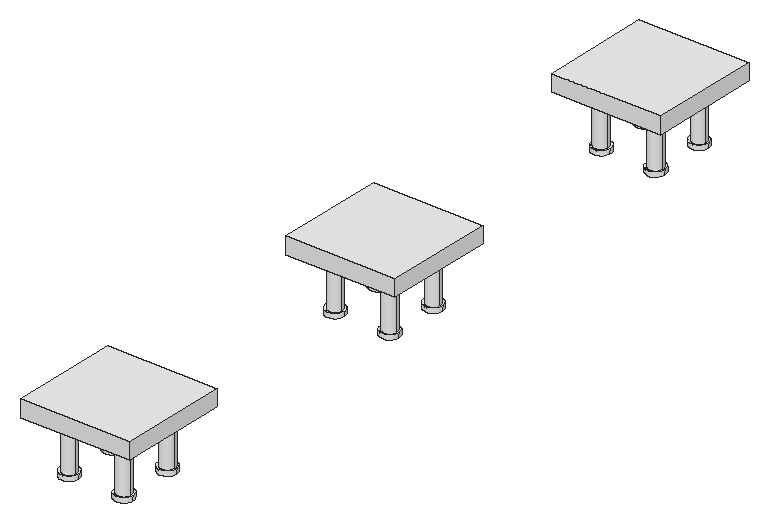
Revit family "556e01105546492c91597443709b2366", category Generic Models, host Face, Revit 2021
Family settings
  Host = Face
  Can host rebar = No
  Round Connector Dimension = Use Diameter
  Part Type = Normal
  Cut with Voids When Loaded = No
  Shared = Yes
  Room Calculation Point = No
Parameters (values of type "3 x 100 x 100")
  Visibility dimension line [instance] = no
  Position Top Anchor Plate [instance] = InstanceHeight - 0' 8"  # 2' - 8"
  Position Central Anchor Plate [instance] = InstanceHeight / 2  # 1' - 8"
  InstanceHeight [instance] = 3' - 4"
  Default Elevation = 4' - 0"
  Central Anchor Plate Visible [instance] = InstanceHeight > 3' 3.37008"  # yes
Reference planes (in)
  plane 1 "Center (Front/Back)": y = 0
  plane 2: z = 0
  plane 3 "Center (Left/Right)": x = 0
  plane 4: y = 40
Dimensions and locks (in)
  "InstanceHeight": plane 4 to plane 1 "Center (Front/Back)"
  "Position Top Anchor Plate": plane 1 "Center (Front/Back)" to nested 1
  "Position Central Anchor Plate": plane 1 "Center (Front/Back)" to nested 2
  plane 1 "Center (Front/Back)" to nested 3 = 0' - 8"
  aligned and locked: plane 2 to host face
  aligned and locked: level to host face
Automatic sketch dimensions
  host sketch curve to host sketch curve = 8' - 0"  (x2)
Nested families (in)
  nested 1: "Anchor Plate" at (0, 32, 0), Visibility dimension line <- "Visibility dimension line", type "Default"
    with Visibility dimension line no, Plate Width 0' - 3.93701", Plate Thickness 0' - 0.59055", Plate Material Metal - Steel - S235, Plate Length 0' - 3.93701", Number of Bolts 2, Hole Spacing Vertical 0' - 1.9685", Hole Spacing Horizontal 0' - 1.9685", Anchor Material Metal - Steel - S235, Anchor Length 0' - 1.9685"
  nested 2: "Anchor Plate" at (0, 20, 0), visible <- "Central Anchor Plate Visible", Visibility dimension line <- "Visibility dimension line", type "Default"
    with Visibility dimension line no, Plate Width 0' - 3.93701", Plate Thickness 0' - 0.59055", Plate Material Metal - Steel - S235, Plate Length 0' - 3.93701", Number of Bolts 2, Hole Spacing Vertical 0' - 1.9685", Hole Spacing Horizontal 0' - 1.9685", Anchor Material Metal - Steel - S235, Anchor Length 0' - 1.9685"
  nested 3: "Anchor Plate" at (0, 8, 0), Visibility dimension line <- "Visibility dimension line", type "Default"
    with Visibility dimension line no, Plate Width 0' - 3.93701", Plate Thickness 0' - 0.59055", Plate Material Metal - Steel - S235, Plate Length 0' - 3.93701", Number of Bolts 2, Hole Spacing Vertical 0' - 1.9685", Hole Spacing Horizontal 0' - 1.9685", Anchor Material Metal - Steel - S235, Anchor Length 0' - 1.9685"
Definition of nested family "Anchor Plate"
  Parameters (values of type "Default")
    Visibility dimension line [instance] = no
    Type Comments = "Mountingpart"
    Plate Width [instance] = 0' - 4"
    Plate Thickness [instance] = 0' - 0 1/2"
    Head Radius = 0' - 0 85/256"
    Rod Radius = 0' - 0 1/4"
    Plate Material [instance] = none
    Number of Bolts [instance] = 2
    Plate Length [instance] = 0' - 4"
    Hole Spacing Vertical [instance] = 0' - 2"
    Hole Spacing Horizontal [instance] = 0' - 2"
    Default Elevation = 0' - 0"
    Anchor Material [instance] = none
    Anchor Length [instance] = 0' - 2"
  Reference planes (in)
    plane 1 "Center (Front/Back)": y = 0
    plane 2: z = 0
    plane 3 "Center (Left/Right)": x = 0
    plane 4: x = -2
    plane 5: x = 2
    plane 6: y = 2
    plane 7: y = -2
    plane 8: y = 1
    plane 9: y = -1
    plane 10: x = -1
    plane 11: x = 1
    plane 12: z = -0.5
  Forms (in)
    Extrusion 1, solid
      sketch origin (0, 0, 0) x (1, 0, 0) y (0, 1, 0)
        loop
          line (-37, 35) -> (-37, -22.35957) -> (41.70861, -22.35957) -> (41.70861, 35) -> (-37, 35)
      from 0 to -1.47696
    Extrusion 2, solid, material <- "Plate Material"
      sketch origin (0, 0, 0) x (1, 0, 0) y (0, 1, 0)
        loop
          line (-2, 2) -> (-2, -2) -> (2, -2) -> (2, 2) -> (-2, 2)
      from -0.5 to 0
  Lines and regions (in)
    model lines, visible <- "Visibility dimension line"
      curve 1: line (-1, 0, 0) -> (1, 0, 0)
      curve 2: line (0, 1, 0) -> (0, -1, 0)
  Dimensions and locks (in)
    "Plate Length": plane 4 to plane 5
    equal spacing: plane 4, plane 3 "Center (Left/Right)", plane 5
    equal spacing: plane 7, plane 1 "Center (Front/Back)", plane 6
    "Plate Width": plane 7 to plane 6
    equal spacing: plane 9, plane 1 "Center (Front/Back)", plane 8
    "Hole Spacing Vertical": plane 9 to plane 8
    equal spacing: plane 10, plane 3 "Center (Left/Right)", plane 11
    "Hole Spacing Horizontal": plane 10 to plane 11
    group 1 to group 2 = 0' - 0"  (x2)
    group 2 to group 1 = 0' - 2"
    group 3 to group 4 = 0' - 0"  (x2)
    group 4 to group 3 = 0' - 2"
    "Plate Thickness": plane 2 to plane 12
    aligned and locked: plane 2 to Extrusion 1
    aligned and locked: level to Extrusion 1
    aligned and locked: plane 4 to Extrusion 2 sketch curve
    aligned and locked: Extrusion 2 sketch curve to plane 6
    aligned and locked: plane 7 to Extrusion 2 sketch curve
    aligned and locked: plane 5 to Extrusion 2 sketch curve
    aligned and locked: Extrusion 2 to plane 12
    aligned and locked: plane 2 to Extrusion 2
    aligned and locked: plane 10 to nested 1
    aligned and locked: plane 8 to nested 1
    aligned and locked: nested 2 to plane 11
    aligned and locked: plane 8 to nested 2
    aligned and locked: nested 3 to plane 9
    aligned and locked: plane 10 to nested 3
    aligned and locked: nested 4 to plane 9
    aligned and locked: nested 4 to plane 11
  Automatic sketch dimensions
    Extrusion 1 sketch curve to Extrusion 1 sketch curve = 6' - 6.70861"
    Extrusion 1 sketch curve to Extrusion 1 sketch curve = 4' - 9.35957"
    plane 1 "Center (Front/Back)" to curve 1 = 0' - 0"
    curve 1 to plane 10 = 0' - 0"
    curve 2 to plane 3 "Center (Left/Right)" = 0' - 0"
    curve 1 to plane 11 = 0' - 0"
    plane 9 to curve 2 = 0' - 0"
    curve 2 to plane 8 = 0' - 0"
  Nested families (in)
    nested 1: "Anchor Rod" at (-1, 1, -0.5) x (1, 0, 0) z (0, 0, -1), type "Anchor Rod"
      with Rod Radius 0' - 0 1/4", Head Radius 0' - 0 85/256", Anchor Height 0' - 2"
    nested 2: "Anchor Rod" at (1, 1, -0.5) x (1, 0, 0) z (0, 0, -1), type "Anchor Rod"
      with Rod Radius 0' - 0 1/4", Head Radius 0' - 0 85/256", Anchor Height 0' - 2"
    nested 3: "Anchor Rod" at (-1, -1, -0.5) x (1, 0, 0) z (0, 0, -1), type "Anchor Rod"
      with Rod Radius 0' - 0 1/4", Head Radius 0' - 0 85/256", Anchor Height 0' - 2"
    nested 4: "Anchor Rod" at (1, -1, -0.5) x (1, 0, 0) z (0, 0, -1), type "Anchor Rod"
      with Rod Radius 0' - 0 1/4", Head Radius 0' - 0 85/256", Anchor Height 0' - 2"
  Definition of nested family "Anchor Rod"
    Parameters
      Rod Radius = 0' - 0.23622"
      Head Radius = 0' - 0.31496"
      Assembly Code = ""
      Anchor Height = 0' - 1.9685"
      Default Elevation = 0' - 0"
      Anchor Material = none
    Reference planes (in)
      plane 1 "Center (Front/Back)": y = 0
      plane 2: z = 0
      plane 3 "Center (Left/Right)": x = 0
      plane 4: z = 1.81102
      plane 5: z = 1.9685
      plane 6: x = -0.31496
      plane 7: x = 0.31496
      plane 8: x = -0.23622
      plane 9: x = 0.23622
      plane 10: z = 0.14862
    Forms (in)
      Extrusion 1, solid
        sketch origin (0, 0, 0) x (1, 0, 0) y (0, 1, 0)
          loop
            line (-29.5, 30.75) -> (-29.5, -27.06844) -> (38.39453, -27.06844) -> (38.39453, 30.75) -> (-29.5, 30.75)
        from 0 to -1.57336
      Extrusion 2, solid, material <- "Anchor Material"
        sketch origin (0, 0, 0) x (1, 0, 0) y (0, 1, 0)
          loop
            circle (0, 0) r 0.31496
        from 1.81102 to 1.9685
      Extrusion 3, solid, material <- "Anchor Material"
        sketch origin (0, 0, 0) x (1, 0, 0) y (0, 1, 0)
          loop
            circle (0, 0) r 0.23622
        from 0 to 1.9685
    Cuts and joins
      joined: Extrusion 2, Extrusion 3
    Dimensions and locks (in)
      "Anchor Height": plane 5 to plane 2
      equal spacing: plane 6, plane 3 "Center (Left/Right)", plane 7
      equal spacing: plane 9, plane 3 "Center (Left/Right)", plane 8
      "Rod Radius": plane 9 to plane 3 "Center (Left/Right)"
      locked: plane 5 to plane 4 at 0.15748
      "Head Radius": plane 6 to plane 3 "Center (Left/Right)"
      "Rod Radius": radius of Extrusion 3 sketch curve
      "Head Radius": radius of Extrusion 2 sketch curve
      aligned and locked: plane 2 to Extrusion 1
      aligned and locked: level to Extrusion 1
      aligned and locked: plane 1 "Center (Front/Back)" to Extrusion 2 sketch curve
      aligned and locked: plane 3 "Center (Left/Right)" to Extrusion 2 sketch curve
      aligned and locked: Extrusion 2 to plane 4
      aligned and locked: plane 5 to Extrusion 2
      aligned and locked: plane 1 "Center (Front/Back)" to Extrusion 3 sketch curve
      aligned and locked: plane 3 "Center (Left/Right)" to Extrusion 3 sketch curve
      aligned and locked: Extrusion 3 to plane 2
      aligned and locked: plane 5 to Extrusion 3
    Automatic sketch dimensions
      Extrusion 1 sketch curve to Extrusion 1 sketch curve = 5' - 7 229/256"
      Extrusion 1 sketch curve to Extrusion 1 sketch curve = 4' - 9.81844"
